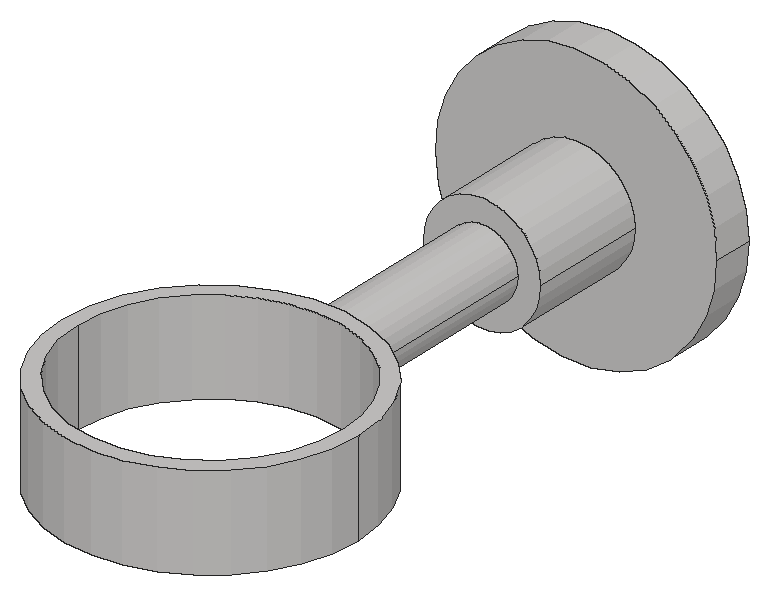
Revit family "T4", category Generic Models, Revit 2021
Family settings
  Can host rebar = No
  Round Connector Dimension = Use Diameter
  Part Type = Normal
  Work Plane-Based = No
  Always vertical = Yes
  Cut with Voids When Loaded = No
  Shared = No
  Room Calculation Point = No
Parameters (values of type "Standard")
  e-mail = "info@vola.com"
  URL = "http://vola.com"
  Telephone = "+45 7023 5500"
  Quality management standard = "ISO 9001"
  Organisation no. / DUNS no. = "17531328"
  Occupational health and safety management standard = "ISO 18001"
  Mounting Instructions = "http://vola.com/service/producturl.ashx?name=T4"
  Model = "T4"
  Materials and components information = "http://vola.com/service/producturl.ashx?name=T4"
  Manufacturer = "VOLA A/S"
  Maintenance Instructions = "http://vola.com/service/producturl.ashx?name=T4"
  Guarantee = "2 years"
  Environmental management standard = "ISO 14000"
  Default Elevation = 0.0000 mm
  Connection - All relevant connections = ""
  Approvals = "http://vola.com/service/producturl.ashx?name=T4"
Reference planes
  plane 1 "Center (Front/Back)": y = 0
  plane 2: z = 0
  plane 3 "Center (Left/Right)": x = 0
Forms (mm)
  Extrusion 1, solid, material "Stainless Steel"
    sketch origin (0, 0, 0) x (1, 0, 0) y (0, 0, 1)
      loop
        circle (0, 0) r 18
    from 0 to 5
  Extrusion 2, solid, material "Stainless Steel"
    sketch origin (0, -5, 0) x (1, 0, 0) y (0, 0, 1)
      loop
        circle (0, 0) r 7.5
    from 0 to 15
  Extrusion 3, solid, material "Stainless Steel"
    sketch origin (0, -20, 0) x (1, 0, 0) y (0, 0, 1)
      loop
        circle (0, 0) r 4.5
    from 0 to 26.134
  Extrusion 4, solid, material "Stainless Steel"
    sketch origin (-0.311, 0, 0) x (1, 0, 0) y (0, 1, 0)
      loop
        circle (0.311, -63.5) r 19
      loop
        circle (0.311, -63.5) r 17
    from -6 to 6
Cuts and joins
  joined: Extrusion 3, Extrusion 4
Dimensions and locks
  aligned and locked: plane 2 to level
